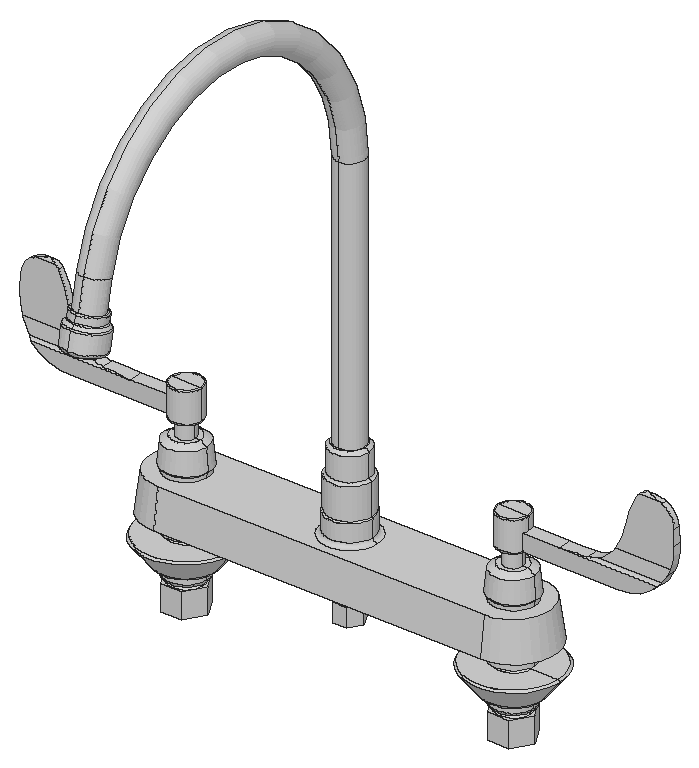
Revit family "SC-5724", category Plumbing Equipment, host Face, Revit 2023
Family settings
  Host = Face
  Round Connector Dimension = Use Diameter
  Classification = None
  Part Type = Normal
  Cut with Voids When Loaded = No
  Maintain Annotation Orientation = No
  Shared = No
  Room Calculation Point = No
Parameters
  Material = steel
  Default Elevation = 4' - 0"
Reference planes (in)
  plane 1 "Center (Front/Back)": y = 0
  plane 2: z = 0
  plane 3 "Center (Left/Right)": x = 0
  plane 4: z = 13.5
  plane 5: x = -4
  plane 6: z = 4.375
  plane 7: y = -8.125
  plane 8: z = 8.5
  plane 9: x = 4
  plane 10: x = -5
  plane 11: x = 5
  plane 12: x = -0.43889
  plane 13: x = 0.43889
  plane 14: x = 3.46875
  plane 15: x = 4.53125
  plane 16: y = 1
  plane 17: y = -1
Forms (in)
  Sweep 1, solid, material "steel" <- "Material"
    path origin (0, 0, 0) x (0, 1, 0) y (0, 0, 1)
      loop
        line (0, 1.62611) -> (0, 9.20484)
        arc (0, 9.20484) -> (-3.52917, 13.12717) -> (-7.8011, 10.03034) r 3.94423
        line (-7.8011, 10.03034) -> (-8.01039, 9.05249)
    profile origin (0, 0, 5.41547) x (0, -1, 0) y (1, 0, 0)
      loop
        circle (0, 0) r 0.34375
  Revolve 2, solid, material "steel" <- "Material"
    sketch origin (0, 0, 0) x (1, 0, 0) y (0, 0, 1)
      loop
        line (0, 2.92775) -> (0, 0.72618) -> (0.66635, 0.72618) -> (0.66635, 0.91662)
        arc (0.66635, 0.91662) -> (0.59196, 0.94743) -> (0.56115, 1.02182) r 0.1052
        line (0.56115, 1.02182) -> (0.56115, 1.43325) -> (0.52791, 1.46648) -> (0.52791, 2.22567)
        arc (0.52791, 2.22567) -> (0.48447, 2.24573) -> (0.46674, 2.29018) r 0.0646
        line (0.46674, 2.29018) -> (0.46674, 2.84994) -> (0.38894, 2.92775) -> (0, 2.92775)
      loop
        line (0.43889, 0.18701) -> (0, 0.18701) -> (0, -0.51679) -> (0.26679, -0.51679) -> (0.26679, -0.31115) -> (0.32781, -0.31115) -> (0.32781, -0.23338) -> (0.38557, -0.23338)
        arc (0.38557, -0.23338) -> (0.42327, -0.21777) -> (0.43889, -0.18007) r 0.05332
        line (0.43889, -0.18007) -> (0.43889, 0.18701)
      axis (0, 2.92775) -> (0, -0.51679)
    angle from 0 to 360
  Revolve 3, solid, material "steel" <- "Material"
    sketch origin (0, 0, 0) x (1, 0, 0) y (0, 0, 1)
      loop
        line (-4, 2.83139) -> (-4, 0.80137) -> (-3.48456, 0.80137) -> (-3.48456, 1.01198) -> (-3.441, 1.05554) -> (-3.48626, 1.57284) -> (-3.65451, 1.67393) -> (-3.78101, 1.67393) -> (-3.78101, 1.98539) -> (-3.81176, 1.98539) -> (-3.81176, 2.02012) -> (-3.84313, 2.02012) -> (-3.84313, 2.08092) -> (-3.6438, 2.08092)
        arc (-3.6438, 2.08092) -> (-3.62965, 2.08678) -> (-3.62378, 2.10094) r 0.02002
        line (-3.62378, 2.10094) -> (-3.62378, 2.81116)
        arc (-3.62378, 2.81116) -> (-3.62971, 2.82546) -> (-3.64401, 2.83139) r 0.02023
        line (-3.64401, 2.83139) -> (-4, 2.83139)
      loop
        line (-3.46875, 0.08576) -> (-4, 0.08576) -> (-4, -1.48928) -> (-3.58653, -1.48928) -> (-3.63432, -1.44149) -> (-3.58653, -1.3937) -> (-3.54611, -1.3937)
        arc (-3.54611, -1.3937) -> (-3.50877, -1.37823) -> (-3.4933, -1.34089) r 0.05281
        line (-3.4933, -1.34089) -> (-3.4933, -1.14417) -> (-3.40518, -1.14417)
        arc (-3.40518, -1.14417) -> (-3.33965, -1.12913) -> (-3.28723, -1.08701) r 0.15028
        line (-3.28723, -1.08701) -> (-2.8601, -0.54595) -> (-2.90358, -0.50247) -> (-3.57658, -0.50247) -> (-3.62635, -0.44315) -> (-3.59484, -0.38857) -> (-3.46875, -0.38857) -> (-3.46875, 0.08576)
      axis (-4, 2.83139) -> (-4, -1.48928)
    angle from 0 to 360
  Extrusion 4, solid, material "steel" <- "Material"
    sketch origin (0, 0, -0.04645) x (0, 1, 0) y (0, 0, 1)
      loop
        line (-0.06518, 4.35675) -> (-0.089, 2.9922)
        arc (-0.089, 2.9922) -> (-0.09801, 2.82011) -> (-0.11902, 2.64907) r 2.4689
        arc (-0.11902, 2.64907) -> (-0.13631, 2.60156) -> (-0.17013, 2.56399) r 0.13247
        line (-0.17013, 2.56399) -> (-0.15264, 2.14158) -> (0.15264, 2.14158) -> (0.17013, 2.56399)
        arc (0.17013, 2.56399) -> (0.13631, 2.60156) -> (0.11902, 2.64907) r 0.13247
        arc (0.11902, 2.64907) -> (0.09801, 2.82011) -> (0.089, 2.9922) r 2.4689
        line (0.089, 2.9922) -> (0.06518, 4.35675)
        arc (0.06518, 4.35675) -> (0, 4.4208) -> (-0.06518, 4.35675) r 0.06519
    from -4.10908 to -8.12983
  Extrusion 5, void
    sketch origin (0, 0, -0.04645) x (1, 0, 0) y (0, 0, 1)
      loop
        arc (-6.71001, 2.14158) -> (-7.37441, 2.32583) -> (-7.849, 2.82595) r 1.28999
        arc (-7.849, 2.82595) -> (-7.9714, 3.16143) -> (-7.99713, 3.51761) r 1.28999
        line (-7.99713, 3.51761) -> (-7.98432, 3.88439)
        arc (-7.98432, 3.88439) -> (-7.89673, 4.15395) -> (-7.67961, 4.33614) r 0.51414
        arc (-7.67961, 4.33614) -> (-7.50889, 4.39447) -> (-7.33051, 4.42142) r 1.00765
        arc (-7.33051, 4.42142) -> (-7.17798, 4.38684) -> (-7.06785, 4.27579) r 0.27977
        arc (-7.06785, 4.27579) -> (-6.9125, 3.93149) -> (-6.80971, 3.56803) r 2.55049
        arc (-6.80971, 3.56803) -> (-6.70004, 3.22588) -> (-6.51916, 2.91544) r 1.6561
        arc (-6.51916, 2.91544) -> (-6.25405, 2.6866) -> (-5.91626, 2.59411) r 0.7938
        line (-5.91626, 2.59411) -> (-5.24496, 2.56399) -> (-3.90856, 2.56399) -> (-3.90856, 4.78613) -> (-8.38919, 4.78613) -> (-8.38919, 1.72429) -> (-3.90856, 1.72429) -> (-3.90856, 2.14158) -> (-6.71001, 2.14158)
    from -0.5 to 0.5
  Revolve 6, solid, material "steel" <- "Material"
    sketch origin (0, 0, 0) x (-1, 0, 0) y (0, 0, -1)
      loop
        line (-4, -2.83139) -> (-3.64401, -2.83139)
        arc (-3.64401, -2.83139) -> (-3.62971, -2.82546) -> (-3.62378, -2.81116) r 0.02023
        line (-3.62378, -2.81116) -> (-3.62378, -2.10094)
        arc (-3.62378, -2.10094) -> (-3.62965, -2.08678) -> (-3.6438, -2.08092) r 0.02002
        line (-3.6438, -2.08092) -> (-3.84313, -2.08092) -> (-3.84313, -2.02012) -> (-3.81176, -2.02012) -> (-3.81176, -1.98539) -> (-3.78101, -1.98539) -> (-3.78101, -1.67393) -> (-3.65451, -1.67393) -> (-3.48626, -1.57284) -> (-3.441, -1.05554) -> (-3.48456, -1.01198) -> (-3.48456, -0.80137) -> (-4, -0.80137) -> (-4, -2.83139)
      loop
        line (-3.46875, -0.08576) -> (-3.46875, 0.38857) -> (-3.59484, 0.38857) -> (-3.62635, 0.44315) -> (-3.57658, 0.50247) -> (-2.90358, 0.50247) -> (-2.8601, 0.54595) -> (-3.28723, 1.08701)
        arc (-3.28723, 1.08701) -> (-3.33965, 1.12913) -> (-3.40518, 1.14417) r 0.15028
        line (-3.40518, 1.14417) -> (-3.4933, 1.14417) -> (-3.4933, 1.34089)
        arc (-3.4933, 1.34089) -> (-3.50877, 1.37823) -> (-3.54611, 1.3937) r 0.05281
        line (-3.54611, 1.3937) -> (-3.58653, 1.3937) -> (-3.63432, 1.44149) -> (-3.58653, 1.48928) -> (-4, 1.48928) -> (-4, -0.08576) -> (-3.46875, -0.08576)
      axis (-4, -2.83139) -> (-4, 1.48928)
    angle from 0 to 360
  Extrusion 7, solid, material "steel" <- "Material"
    sketch origin (0, 0, -0.04645) x (0, 1, 0) y (0, 0, -1)
      loop
        arc (-0.06518, -4.35675) -> (0, -4.4208) -> (0.06518, -4.35675) r 0.06519
        line (0.06518, -4.35675) -> (0.089, -2.9922)
        arc (0.089, -2.9922) -> (0.09801, -2.82011) -> (0.11902, -2.64907) r 2.4689
        arc (0.11902, -2.64907) -> (0.13631, -2.60156) -> (0.17013, -2.56399) r 0.13247
        line (0.17013, -2.56399) -> (0.15264, -2.14158) -> (-0.15264, -2.14158) -> (-0.17013, -2.56399)
        arc (-0.17013, -2.56399) -> (-0.13631, -2.60156) -> (-0.11902, -2.64907) r 0.13247
        arc (-0.11902, -2.64907) -> (-0.09801, -2.82011) -> (-0.089, -2.9922) r 2.4689
        line (-0.089, -2.9922) -> (-0.06518, -4.35675)
    from -4.10908 to -8.12983
  Extrusion 8, void
    sketch origin (0, 0, -0.04645) x (-1, 0, 0) y (0, 0, -1)
      loop
        line (-6.71001, -2.14158) -> (-3.90856, -2.14158) -> (-3.90856, -1.72429) -> (-8.38919, -1.72429) -> (-8.38919, -4.78613) -> (-3.90856, -4.78613) -> (-3.90856, -2.56399) -> (-5.24496, -2.56399) -> (-5.91626, -2.59411)
        arc (-5.91626, -2.59411) -> (-6.25405, -2.6866) -> (-6.51916, -2.91544) r 0.7938
        arc (-6.51916, -2.91544) -> (-6.70004, -3.22588) -> (-6.80971, -3.56803) r 1.6561
        arc (-6.80971, -3.56803) -> (-6.9125, -3.93149) -> (-7.06785, -4.27579) r 2.55049
        arc (-7.06785, -4.27579) -> (-7.17798, -4.38684) -> (-7.33051, -4.42142) r 0.27977
        arc (-7.33051, -4.42142) -> (-7.50889, -4.39447) -> (-7.67961, -4.33614) r 1.00765
        arc (-7.67961, -4.33614) -> (-7.89673, -4.15395) -> (-7.98432, -3.88439) r 0.51414
        line (-7.98432, -3.88439) -> (-7.99713, -3.51761)
        arc (-7.99713, -3.51761) -> (-7.9714, -3.16143) -> (-7.849, -2.82595) r 1.28999
        arc (-7.849, -2.82595) -> (-7.37441, -2.32583) -> (-6.71001, -2.14158) r 1.28999
    from -0.5 to 0.5
  Blend 9, solid, material "steel" <- "Material"
    base sketch origin (0, 0, 0) x (1, 0, 0) y (0, 1, 0)
      loop
        arc (-4, 1) -> (-5, 0) -> (-4, -1) r 1
        line (-4, -1) -> (4, -1)
        arc (4, -1) -> (5, 0) -> (4, 1) r 1
        line (4, 1) -> (-4, 1)
    top sketch origin (0, 0, 0) x (1, 0, 0) y (0, 1, 0)
      loop
        line (4, 0.875) -> (-4, 0.875)
        arc (-4, 0.875) -> (-4.875, 0) -> (-4, -0.875) r 0.875
        line (-4, -0.875) -> (4, -0.875)
        arc (4, -0.875) -> (4.875, 0) -> (4, 0.875) r 0.875
    from 0 to 0.91662
  Revolve 10, solid, material "steel" <- "Material"
    sketch origin (0, 0, 0) x (0, 1, 0) y (0, 0, 1)
      loop
        line (-8.36482, 9.37485) -> (-8.39459, 9.20603)
        arc (-8.39459, 9.20603) -> (-8.40055, 9.1903) -> (-8.41186, 9.17784) r 0.04511
        line (-8.41186, 9.17784) -> (-8.49633, 9.11419)
        arc (-8.49633, 9.11419) -> (-8.50905, 9.10043) -> (-8.51615, 9.08308) r 0.05266
        line (-8.51615, 9.08308) -> (-8.60463, 8.6668)
        arc (-8.60463, 8.6668) -> (-8.59576, 8.61899) -> (-8.55572, 8.59141) r 0.06358
        line (-8.55572, 8.59141) -> (-8.52516, 8.58487)
        arc (-8.52516, 8.58487) -> (-8.51833, 8.55914) -> (-8.49603, 8.5446) r 0.03711
        line (-8.49603, 8.5446) -> (-8.4822, 8.60925)
        arc (-8.4822, 8.60925) -> (-8.30785, 8.54677) -> (-8.12865, 8.5) r 2.08518
        line (-8.12865, 8.5) -> (-7.95543, 9.3093) -> (-8.33995, 9.3916)
        arc (-8.33995, 9.3916) -> (-8.35594, 9.38851) -> (-8.36482, 9.37485) r 0.02082
      axis (-7.95543, 9.3093) -> (-8.13561, 8.46746)
    angle from 0 to 360
  Extrusion 11, solid, material "steel" <- "Material"
    sketch origin (-4, 0, -1.48928) x (1, 0, 0) y (0, -1, 0)
      loop
        line (0.52344, 0) -> (0.26172, 0.45331) -> (-0.26172, 0.45331) -> (-0.52344, 0) -> (-0.26172, -0.45331) -> (0.26172, -0.45331) -> (0.52344, 0)
    from 0 to 0.60995
  Extrusion 12, solid, material "steel" <- "Material"
    sketch origin (0, 0, -0.51679) x (1, 0, 0) y (0, -1, 0)
      loop
        line (0.34375, 0) -> (0.17188, 0.2977) -> (-0.17187, 0.2977) -> (-0.34375, 0) -> (-0.17188, -0.2977) -> (0.17187, -0.2977) -> (0.34375, 0)
    from 0 to 0.44938
  Extrusion 13, solid, material "steel" <- "Material"
    sketch origin (4, 0, -1.48928) x (1, 0, 0) y (0, -1, 0)
      loop
        line (-0.52344, 0) -> (-0.26172, -0.45331) -> (0.26172, -0.45331) -> (0.52344, 0) -> (0.26172, 0.45331) -> (-0.26172, 0.45331) -> (-0.52344, 0)
    from 0 to 0.60995
Cuts and joins
  Extrusion 8 cuts Revolve 3
  Extrusion 5, Extrusion 8 cuts Extrusion 4
  Extrusion 8 cuts Extrusion 7
  joined: Sweep 1, Revolve 2, Revolve 3, Extrusion 4, Revolve 6, Extrusion 7, Blend 9, Revolve 10
Lines and regions (in)
  symbolic lines, not visible
    curve 1: line (-4.52344, 0, -1.79425) -> (-7.35186, 0, -4.62268)
    curve 2: line (-4.52344, 0, -1.79425) -> (-4.58814, 0, -2.03574)
    curve 3: line (-4.52344, 0, -1.79425) -> (-4.76492, 0, -1.85896)
Text (in)
  text "½-14 NPSM INLETS.\n(SUPPLY LINES NOT INCLUDED" at (-12.49488, 0, -4.33834), in view "Front"
  text "DIA" at (1.73115, 0, -0.1491), in view "Front"
  text "DIA" at (7.14113, 0, 0.10383), in view "Front"
  text "⌀" at (0, 2.97207, 0.17752), in view "Left"
Dimensions and locks (in)
  plane 9 to plane 5 to cut or joined group 1 (Sweep 1, Revolve 2, Revolve 3, Extrusion 4, Extrusion 5, Revolve 6, Extrusion 7, Extrusion 8, Blend 9, Revolve 10) = 0' - 8", 0' - 3.98463"
  cut or joined group 1 to cut or joined group 1 = 0' - 4.37548"
  plane 11 to plane 10 = 0' - 10"
  plane 13 to plane 12 = 0' - 0.87777"
  plane 15 to plane 14 = 0' - 1 1/16"
  plane 1 "Center (Front/Back)" to plane 7 = 0' - 8 1/8"
  cut or joined group 1 to plane 4 = 1' - 1 1/2"
  cut or joined group 1 to plane 8 = 0' - 8 1/2"
  plane 16 to plane 17 = 0' - 2"
  aligned and locked: host face to plane 2
  aligned and locked: level to host face
